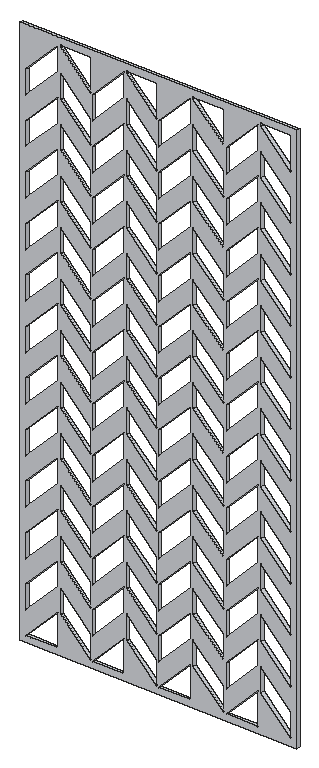
Revit family "Chevron", category Generic Models, Revit 2016
Family settings
  Part Type = Normal
  Can host rebar = No
  Round Connector Dimension = Use Diameter
  Work Plane-Based = No
  Always vertical = Yes
  Cut with Voids When Loaded = No
  Shared = No
  Room Calculation Point = No
Reference planes (in)
  plane 1 "Center (Front/Back)": y = 0
  plane 2: z = 0
  plane 3 "Center (Left/Right)": x = 0
Forms (in)
  Extrusion 1, solid
    sketch origin (176, 0, 0) x (1, 0, 0) y (0, 0, 1)
      loop
        line (-128, 96) -> (-176, 96) -> (-176, 0) -> (-128, 0) -> (-128, 96)
      loop
        line (-169.50227, 94.49773) -> (-175, 89) -> (-175, 85) -> (-169.50227, 90.49773) -> (-169.50227, 94.49773)
      loop
        line (-163.75227, 89.25227) -> (-163.75227, 94.90526) -> (-168.99773, 94.90526) -> (-168.99773, 94.49773) -> (-163.75227, 89.25227)
      loop
        line (-168.99773, 90.49773) -> (-168.99773, 86.49773) -> (-163.75227, 81.25227) -> (-163.75227, 85.25227) -> (-168.99773, 90.49773)
      loop
        line (-169.50227, 86.49773) -> (-175, 81) -> (-175, 77) -> (-169.50227, 82.49773) -> (-169.50227, 86.49773)
      loop
        line (-168.99773, 82.49773) -> (-168.99773, 78.49773) -> (-163.75227, 73.25227) -> (-163.75227, 77.25227) -> (-168.99773, 82.49773)
      loop
        line (-169.50227, 78.49773) -> (-175, 73) -> (-175, 69) -> (-169.50227, 74.49773) -> (-169.50227, 78.49773)
      loop
        line (-168.99773, 74.49773) -> (-168.99773, 70.49773) -> (-163.75227, 65.25227) -> (-163.75227, 69.25227) -> (-168.99773, 74.49773)
      loop
        line (-169.50227, 70.49773) -> (-175, 65) -> (-175, 61) -> (-169.50227, 66.49773) -> (-169.50227, 70.49773)
      loop
        line (-168.99773, 66.49773) -> (-168.99773, 62.49773) -> (-163.75227, 57.25227) -> (-163.75227, 61.25227) -> (-168.99773, 66.49773)
      loop
        line (-169.50227, 62.49773) -> (-175, 57) -> (-175, 53) -> (-169.50227, 58.49773) -> (-169.50227, 62.49773)
      loop
        line (-168.99773, 58.49773) -> (-168.99773, 54.49773) -> (-163.75227, 49.25227) -> (-163.75227, 53.25227) -> (-168.99773, 58.49773)
      loop
        line (-169.50227, 54.49773) -> (-175, 49) -> (-175, 45) -> (-169.50227, 50.49773) -> (-169.50227, 54.49773)
      loop
        line (-168.99773, 50.49773) -> (-168.99773, 46.49773) -> (-163.75227, 41.25227) -> (-163.75227, 45.25227) -> (-168.99773, 50.49773)
      loop
        line (-169.50227, 46.49773) -> (-175, 41) -> (-175, 37) -> (-169.50227, 42.49773) -> (-169.50227, 46.49773)
      loop
        line (-168.99773, 42.49773) -> (-168.99773, 38.49773) -> (-163.75227, 33.25227) -> (-163.75227, 37.25227) -> (-168.99773, 42.49773)
      loop
        line (-169.50227, 38.49773) -> (-175, 33) -> (-175, 29) -> (-169.50227, 34.49773) -> (-169.50227, 38.49773)
      loop
        line (-168.99773, 34.49773) -> (-168.99773, 30.49773) -> (-163.75227, 25.25227) -> (-163.75227, 29.25227) -> (-168.99773, 34.49773)
      loop
        line (-169.50227, 30.49773) -> (-175, 25) -> (-175, 21) -> (-169.50227, 26.49773) -> (-169.50227, 30.49773)
      loop
        line (-168.99773, 26.49773) -> (-168.99773, 22.49773) -> (-163.75227, 17.25227) -> (-163.75227, 21.25227) -> (-168.99773, 26.49773)
      loop
        line (-169.50227, 22.49773) -> (-175, 17) -> (-175, 13) -> (-169.50227, 18.49773) -> (-169.50227, 22.49773)
      loop
        line (-168.99773, 18.49773) -> (-168.99773, 14.49773) -> (-163.75227, 9.25227) -> (-163.75227, 13.25227) -> (-168.99773, 18.49773)
      loop
        line (-169.50227, 14.49773) -> (-175, 9) -> (-175, 5) -> (-169.50227, 10.49773) -> (-169.50227, 14.49773)
      loop
        line (-168.99773, 10.49773) -> (-168.99773, 6.49773) -> (-163.75227, 1.25227) -> (-163.75227, 5.25227) -> (-168.99773, 10.49773)
      loop
        line (-169.50227, 6.49773) -> (-175, 1) -> (-169.50227, 1) -> (-169.50227, 6.49773)
      loop
        line (-158.00227, 94.49773) -> (-163.5, 89) -> (-163.5, 85) -> (-158.00227, 90.49773) -> (-158.00227, 94.49773)
      loop
        line (-152.25227, 89.25227) -> (-152.25227, 94.90526) -> (-157.49773, 94.90526) -> (-157.49773, 94.49773) -> (-152.25227, 89.25227)
      loop
        line (-157.49773, 90.49773) -> (-157.49773, 86.49773) -> (-152.25227, 81.25227) -> (-152.25227, 85.25227) -> (-157.49773, 90.49773)
      loop
        line (-158.00227, 86.49773) -> (-163.5, 81) -> (-163.5, 77) -> (-158.00227, 82.49773) -> (-158.00227, 86.49773)
      loop
        line (-157.49773, 82.49773) -> (-157.49773, 78.49773) -> (-152.25227, 73.25227) -> (-152.25227, 77.25227) -> (-157.49773, 82.49773)
      loop
        line (-158.00227, 78.49773) -> (-163.5, 73) -> (-163.5, 69) -> (-158.00227, 74.49773) -> (-158.00227, 78.49773)
      loop
        line (-157.49773, 74.49773) -> (-157.49773, 70.49773) -> (-152.25227, 65.25227) -> (-152.25227, 69.25227) -> (-157.49773, 74.49773)
      loop
        line (-158.00227, 70.49773) -> (-163.5, 65) -> (-163.5, 61) -> (-158.00227, 66.49773) -> (-158.00227, 70.49773)
      loop
        line (-157.49773, 66.49773) -> (-157.49773, 62.49773) -> (-152.25227, 57.25227) -> (-152.25227, 61.25227) -> (-157.49773, 66.49773)
      loop
        line (-158.00227, 62.49773) -> (-163.5, 57) -> (-163.5, 53) -> (-158.00227, 58.49773) -> (-158.00227, 62.49773)
      loop
        line (-157.49773, 58.49773) -> (-157.49773, 54.49773) -> (-152.25227, 49.25227) -> (-152.25227, 53.25227) -> (-157.49773, 58.49773)
      loop
        line (-158.00227, 54.49773) -> (-163.5, 49) -> (-163.5, 45) -> (-158.00227, 50.49773) -> (-158.00227, 54.49773)
      loop
        line (-157.49773, 50.49773) -> (-157.49773, 46.49773) -> (-152.25227, 41.25227) -> (-152.25227, 45.25227) -> (-157.49773, 50.49773)
      loop
        line (-158.00227, 46.49773) -> (-163.5, 41) -> (-163.5, 37) -> (-158.00227, 42.49773) -> (-158.00227, 46.49773)
      loop
        line (-157.49773, 42.49773) -> (-157.49773, 38.49773) -> (-152.25227, 33.25227) -> (-152.25227, 37.25227) -> (-157.49773, 42.49773)
      loop
        line (-158.00227, 38.49773) -> (-163.5, 33) -> (-163.5, 29) -> (-158.00227, 34.49773) -> (-158.00227, 38.49773)
      loop
        line (-157.49773, 34.49773) -> (-157.49773, 30.49773) -> (-152.25227, 25.25227) -> (-152.25227, 29.25227) -> (-157.49773, 34.49773)
      loop
        line (-158.00227, 30.49773) -> (-163.5, 25) -> (-163.5, 21) -> (-158.00227, 26.49773) -> (-158.00227, 30.49773)
      loop
        line (-157.49773, 26.49773) -> (-157.49773, 22.49773) -> (-152.25227, 17.25227) -> (-152.25227, 21.25227) -> (-157.49773, 26.49773)
      loop
        line (-158.00227, 22.49773) -> (-163.5, 17) -> (-163.5, 13) -> (-158.00227, 18.49773) -> (-158.00227, 22.49773)
      loop
        line (-157.49773, 18.49773) -> (-157.49773, 14.49773) -> (-152.25227, 9.25227) -> (-152.25227, 13.25227) -> (-157.49773, 18.49773)
      loop
        line (-158.00227, 14.49773) -> (-163.5, 9) -> (-163.5, 5) -> (-158.00227, 10.49773) -> (-158.00227, 14.49773)
      loop
        line (-157.49773, 10.49773) -> (-157.49773, 6.49773) -> (-152.25227, 1.25227) -> (-152.25227, 5.25227) -> (-157.49773, 10.49773)
      loop
        line (-158.00227, 6.49773) -> (-163.5, 1) -> (-158.00227, 1) -> (-158.00227, 6.49773)
      loop
        line (-146.50227, 94.49773) -> (-152, 89) -> (-152, 85) -> (-146.50227, 90.49773) -> (-146.50227, 94.49773)
      loop
        line (-140.75227, 89.25227) -> (-140.75227, 94.90526) -> (-145.99773, 94.90526) -> (-145.99773, 94.49773) -> (-140.75227, 89.25227)
      loop
        line (-145.99773, 90.49773) -> (-145.99773, 86.49773) -> (-140.75227, 81.25227) -> (-140.75227, 85.25227) -> (-145.99773, 90.49773)
      loop
        line (-146.50227, 86.49773) -> (-152, 81) -> (-152, 77) -> (-146.50227, 82.49773) -> (-146.50227, 86.49773)
      loop
        line (-145.99773, 82.49773) -> (-145.99773, 78.49773) -> (-140.75227, 73.25227) -> (-140.75227, 77.25227) -> (-145.99773, 82.49773)
      loop
        line (-146.50227, 78.49773) -> (-152, 73) -> (-152, 69) -> (-146.50227, 74.49773) -> (-146.50227, 78.49773)
      loop
        line (-145.99773, 74.49773) -> (-145.99773, 70.49773) -> (-140.75227, 65.25227) -> (-140.75227, 69.25227) -> (-145.99773, 74.49773)
      loop
        line (-146.50227, 70.49773) -> (-152, 65) -> (-152, 61) -> (-146.50227, 66.49773) -> (-146.50227, 70.49773)
      loop
        line (-145.99773, 66.49773) -> (-145.99773, 62.49773) -> (-140.75227, 57.25227) -> (-140.75227, 61.25227) -> (-145.99773, 66.49773)
      loop
        line (-146.50227, 62.49773) -> (-152, 57) -> (-152, 53) -> (-146.50227, 58.49773) -> (-146.50227, 62.49773)
      loop
        line (-145.99773, 58.49773) -> (-145.99773, 54.49773) -> (-140.75227, 49.25227) -> (-140.75227, 53.25227) -> (-145.99773, 58.49773)
      loop
        line (-146.50227, 54.49773) -> (-152, 49) -> (-152, 45) -> (-146.50227, 50.49773) -> (-146.50227, 54.49773)
      loop
        line (-145.99773, 50.49773) -> (-145.99773, 46.49773) -> (-140.75227, 41.25227) -> (-140.75227, 45.25227) -> (-145.99773, 50.49773)
      loop
        line (-146.50227, 46.49773) -> (-152, 41) -> (-152, 37) -> (-146.50227, 42.49773) -> (-146.50227, 46.49773)
      loop
        line (-145.99773, 42.49773) -> (-145.99773, 38.49773) -> (-140.75227, 33.25227) -> (-140.75227, 37.25227) -> (-145.99773, 42.49773)
      loop
        line (-146.50227, 38.49773) -> (-152, 33) -> (-152, 29) -> (-146.50227, 34.49773) -> (-146.50227, 38.49773)
      loop
        line (-145.99773, 34.49773) -> (-145.99773, 30.49773) -> (-140.75227, 25.25227) -> (-140.75227, 29.25227) -> (-145.99773, 34.49773)
      loop
        line (-146.50227, 30.49773) -> (-152, 25) -> (-152, 21) -> (-146.50227, 26.49773) -> (-146.50227, 30.49773)
      loop
        line (-145.99773, 26.49773) -> (-145.99773, 22.49773) -> (-140.75227, 17.25227) -> (-140.75227, 21.25227) -> (-145.99773, 26.49773)
      loop
        line (-146.50227, 22.49773) -> (-152, 17) -> (-152, 13) -> (-146.50227, 18.49773) -> (-146.50227, 22.49773)
      loop
        line (-145.99773, 18.49773) -> (-145.99773, 14.49773) -> (-140.75227, 9.25227) -> (-140.75227, 13.25227) -> (-145.99773, 18.49773)
      loop
        line (-146.50227, 14.49773) -> (-152, 9) -> (-152, 5) -> (-146.50227, 10.49773) -> (-146.50227, 14.49773)
      loop
        line (-145.99773, 10.49773) -> (-145.99773, 6.49773) -> (-140.75227, 1.25227) -> (-140.75227, 5.25227) -> (-145.99773, 10.49773)
      loop
        line (-146.50227, 6.49773) -> (-152, 1) -> (-146.50227, 1) -> (-146.50227, 6.49773)
      loop
        line (-134.75, 94.49773) -> (-140.24773, 89) -> (-140.24773, 85) -> (-134.75, 90.49773) -> (-134.75, 94.49773)
      loop
        line (-129, 89.25227) -> (-129, 94.90526) -> (-134.24545, 94.90526) -> (-134.24545, 94.49773) -> (-129, 89.25227)
      loop
        line (-134.24545, 90.49773) -> (-134.24545, 86.49773) -> (-129, 81.25227) -> (-129, 85.25227) -> (-134.24545, 90.49773)
      loop
        line (-134.75, 86.49773) -> (-140.24773, 81) -> (-140.24773, 77) -> (-134.75, 82.49773) -> (-134.75, 86.49773)
      loop
        line (-134.24545, 82.49773) -> (-134.24545, 78.49773) -> (-129, 73.25227) -> (-129, 77.25227) -> (-134.24545, 82.49773)
      loop
        line (-134.75, 78.49773) -> (-140.24773, 73) -> (-140.24773, 69) -> (-134.75, 74.49773) -> (-134.75, 78.49773)
      loop
        line (-134.24545, 74.49773) -> (-134.24545, 70.49773) -> (-129, 65.25227) -> (-129, 69.25227) -> (-134.24545, 74.49773)
      loop
        line (-134.75, 70.49773) -> (-140.24773, 65) -> (-140.24773, 61) -> (-134.75, 66.49773) -> (-134.75, 70.49773)
      loop
        line (-134.24545, 66.49773) -> (-134.24545, 62.49773) -> (-129, 57.25227) -> (-129, 61.25227) -> (-134.24545, 66.49773)
      loop
        line (-134.75, 62.49773) -> (-140.24773, 57) -> (-140.24773, 53) -> (-134.75, 58.49773) -> (-134.75, 62.49773)
      loop
        line (-134.24545, 58.49773) -> (-134.24545, 54.49773) -> (-129, 49.25227) -> (-129, 53.25227) -> (-134.24545, 58.49773)
      loop
        line (-134.75, 54.49773) -> (-140.24773, 49) -> (-140.24773, 45) -> (-134.75, 50.49773) -> (-134.75, 54.49773)
      loop
        line (-134.24545, 50.49773) -> (-134.24545, 46.49773) -> (-129, 41.25227) -> (-129, 45.25227) -> (-134.24545, 50.49773)
      loop
        line (-134.75, 46.49773) -> (-140.24773, 41) -> (-140.24773, 37) -> (-134.75, 42.49773) -> (-134.75, 46.49773)
      loop
        line (-134.24545, 42.49773) -> (-134.24545, 38.49773) -> (-129, 33.25227) -> (-129, 37.25227) -> (-134.24545, 42.49773)
      loop
        line (-134.75, 38.49773) -> (-140.24773, 33) -> (-140.24773, 29) -> (-134.75, 34.49773) -> (-134.75, 38.49773)
      loop
        line (-134.24545, 34.49773) -> (-134.24545, 30.49773) -> (-129, 25.25227) -> (-129, 29.25227) -> (-134.24545, 34.49773)
      loop
        line (-134.75, 30.49773) -> (-140.24773, 25) -> (-140.24773, 21) -> (-134.75, 26.49773) -> (-134.75, 30.49773)
      loop
        line (-134.24545, 26.49773) -> (-134.24545, 22.49773) -> (-129, 17.25227) -> (-129, 21.25227) -> (-134.24545, 26.49773)
      loop
        line (-134.75, 22.49773) -> (-140.24773, 17) -> (-140.24773, 13) -> (-134.75, 18.49773) -> (-134.75, 22.49773)
      loop
        line (-134.24545, 18.49773) -> (-134.24545, 14.49773) -> (-129, 9.25227) -> (-129, 13.25227) -> (-134.24545, 18.49773)
      loop
        line (-134.75, 14.49773) -> (-140.24773, 9) -> (-140.24773, 5) -> (-134.75, 10.49773) -> (-134.75, 14.49773)
      loop
        line (-134.24545, 10.49773) -> (-134.24545, 6.49773) -> (-129, 1.25227) -> (-129, 5.25227) -> (-134.24545, 10.49773)
      loop
        line (-134.75, 6.49773) -> (-140.24773, 1) -> (-134.75, 1) -> (-134.75, 6.49773)
    from 0 to 0.5
Dimensions and locks (in)
  aligned and locked: plane 2 to level
